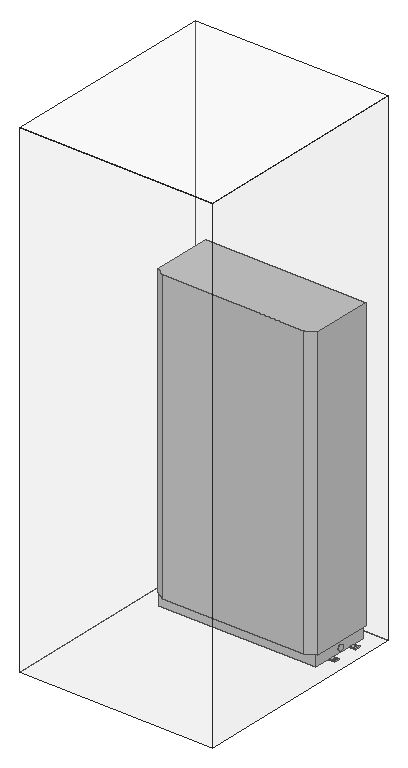
Revit family "pf-rp224_280ea_50Hz", category 機械設備, Revit 2019
Family settings
  丸型コネクタ寸法 = 直径を使用
  パーツ タイプ = 標準
  OmniClass 番号 = 23.75.10.24.21.27.27
  OmniClass タイトル = Split System Air Conditioning Units
  作業面ベース = いいえ
  常に垂直 = はい
  ロード時にボイドで切り取り = いいえ
  共有 = いいえ
  部屋計算ポイント = いいえ
Parameters (values of type "PF-RP224EA")
  騒音レベル（静）(dB) = 65
  騒音レベル（強）(dB) = 68
  騒音レベル（弱）(dB) = 66
  騒音レベル（中）(dB) = 67
  風量（静）（m3／min） = 42
  風量（弱）（m3／min） = 46
  風量（中）（m3／min） = 49
  風量（m3／min） = 53
  風量 = MAX風量  # 3180.0 m³/h
  音響パワーレベル(dB) = 68
  電源種別 = ""
  電圧_電気ヒーター = 0 V
  電圧 = 200 V
  電動機出力_送風機 = 375 W
  電動機出力_圧縮機 = 0 W
  運転質量 = 0.00 kg
  連動 = ""
  質量 = if(製品質量 > 運転質量, 製品質量, 運転質量) * 1.2  # 120.00 kg
  負荷分類 = 3_ファン類
  説明 = "店舗・事務所用パッケージエアコン(Mr.SLIM) 床置形"
  設計暖房能力 [instance] = 0 kW
  設計冷房能力_顕熱 [instance] = 0 kW
  設計冷房能力 [instance] = 0 kW
  設置方法 = "床置形"
  記号 [instance] = ""
  製造元 = "三菱電機株式会社"
  製品質量 = 100.00 kg
  製品出荷対象 = "国内"
  製品リリース年月 = "2021年6月23日"
  製品グループ = ""
  系統 [instance] = ""
  符号 = "PAC-FRV(J)"
  積算_科目 = "1 空気調和設備"
  積算_拾い区分 [instance] = ""
  相_電気ヒーター = 1
  相 = 1
  盤記号 [instance] = ""
  発停方法 = ""
  特殊仕様 [instance] = ""
  火災停止 = ""
  消費電力_電気ヒーター = 0 W
  消費電力_暖房 = 300 W
  消費電力_加湿器 = 0 W
  消費電力_冷房 = 300 W
  消費電力 = if(消費電力_冷房 > 消費電力_暖房, 消費電力_冷房, 消費電力_暖房) + 消費電力_加湿器 + 消費電力_電気ヒーター  # 300 W
  法定耐用年数 = "15"
  機械基礎質量 [instance] = 0.00 kg
  機械基礎_W = 0 mm
  機械基礎_H = 0 mm
  機械基礎_D = 0 mm
  機械基礎 [instance] = no
  機外静圧 = 0.0 Pa
  極数 = 3
  材質 [instance] = ""
  本体マテリアル = none
  有効加湿量 = 0
  最大電流値 = 0 A
  暖房能力 = 22.4 kW
  推奨ブレーカー容量 = 0 A
  形式_加湿器 = ""
  形式 = "床置（露出）立形"
  幹線記号 [instance] = ""
  始動方式 = "直入"
  呼称 = "室内機_床置(露出)⽴形(直吹)"
  周波数 = 50 Hz
  台数_手元リモコン [instance] = ""
  台数_冷媒分岐ユニット [instance] = ""
  参照している仕様書等のバージョン = "公共建築工事標準仕様書（機械設備工事編）平成31年度版"
  加湿給水管径 = 0.00 mm
  分類コード = "50053003123100"
  分類グループ = ""
  冷房能力 = 20 kW
  冷媒高低圧ガス管径 = 0.00 mm
  冷媒管径符号 = "Bg"
  冷媒管径 = 100.00 mm
  冷媒液管径 = 9.52 mm
  冷媒ガス管径 = 25.40 mm
  価格 = 0
  企業コード = "108420"
  付属品_フィルター = ""
  付属品 [instance] = ""
  仕様書バージョン = "Version1.0"
  モデル = "PF-RP224EA"
  ドレン管径 = 26.00 mm
  サービススペース = yes
  コメント [instance] = ""
  Keynote = ""
  Width = 985 mm
  Version = ""
  Uniclass2015Version = "Systems v1.9"
  Uniclass2015Title = "Split coil remote air cooled condensing units"
  Uniclass2015Code = "Pr_70_65_03_84"
  URL = "https://www.mitsubishielectric.co.jp/ldg/wink/ssl/displayProduct.do?pid=310223"
  S寸法 = 50 mm
  SpecificationReference = ""
  SpecificationDescription = ""
  Revision = ""
  ProductInformation = ""
  OmniClassCode = "23-33 17 13 11"
  MIN風量2 = 風量（静）（m3／min） * 60.0 m³/h  # 2520.0 m³/h
  MIN風量 = 風量（弱）（m3／min） * 60.0 m³/h  # 2760.0 m³/h
  MID風量 = 風量（中）（m3／min） * 60.0 m³/h  # 2940.0 m³/h
  MAX風量 = 風量（m3／min） * 60.0 m³/h  # 3180.0 m³/h
  IfcTypeProduct = ""
  IfcProduct = ""
  IfcExportType = "AIRCONDITIONINGUNIT"
  IfcExportAs = "IfcUnitaryEquipmentType"
  Height = 1850 mm
  Depth = 400 mm
  Clearance Top = 300 mm
  Clearance Right = 100 mm
  Clearance Left = 100 mm
  Clearance Front = 900 mm
  Clearance Back = 50 mm
  COP = 0
  Author = "三菱電機株式会社"
  APF = 0
Types (2, lengths in mm): name | 騒音レベル（静）(dB) | 騒音レベル（強）(dB) | 騒音レベル（弱）(dB) | 騒音レベル（中）(dB) | 風量（静）（m3／min） | 風量（弱）（m3／min） | 風量（中）（m3／min） | 風量（m3／min） | 風量 | 音響パワーレベル(dB) | 質量 | 製品質量 | 消費電力_暖房 | 消費電力_冷房 | 消費電力 | 暖房能力 | 冷房能力 | 冷媒管径符号 | 冷媒液管径 | 企業コード | モデル | Width | URL | MIN風量2 | MIN風量 | MID風量 | MAX風量
  PF-RP280EA | 68 | 72 | 69 | 70 | 55 | 61 | 67 | 73 | 4380.0 m³/h | 72 | 133.20 kg | 111.00 kg | 500 W | 500 W | 500 W | 28 kW | 25 kW | "Cg" | 12.70 | "" | "PF-RP280EA" | 1200 | "https://www.mitsubishielectric.co.jp/ldg/wink/ssl/displayProduct.do?pid=310224" | 3300.0 m³/h | 3660.0 m³/h | 4020.0 m³/h | 4380.0 m³/h
  PF-RP224EA | 65 | 68 | 66 | 67 | 42 | 46 | 49 | 53 | 3180.0 m³/h | 68 | 120.00 kg | 100.00 kg | 300 W | 300 W | 300 W | 22.4 kW | 20 kW | "Bg" | 9.52 | "108420" | "PF-RP224EA" | 985 | "https://www.mitsubishielectric.co.jp/ldg/wink/ssl/displayProduct.do?pid=310223" | 2520.0 m³/h | 2760.0 m³/h | 2940.0 m³/h | 3180.0 m³/h
Reference planes
  plane 1: z = 0
  plane 2 "上": z = 1820
  plane 3: z = 1850
  plane 4: z = 0
  plane 5: z = 2150
  plane 6 "中心(左/右)": x = 0
  plane 7 "左": x = -492.5
  plane 8 "右": x = 492.5
  plane 9 "正面": y = -400
  plane 10 "背面": y = 0
  plane 11: y = -525
  plane 12: y = 50
  plane 13: x = -542.5
  plane 14: y = -450
  plane 15: y = 50
  plane 16: y = -1300
  plane 17: x = -592.5
  plane 18: x = 592.5
  plane 19: x = 542.5
  plane 20: y = -200
Lines and regions (mm)
  Masking region 1, detail levels coarse+medium
    outline origin (0, -255, 0) x (1, 0, 0) y (0, 1, 0)
      loop
        line (-492.5, -145) -> (492.5, -145) -> (492.5, 255) -> (-492.5, 255) -> (-492.5, -145)
Dimensions and locks
  locked: plane 3 to plane 2 "上" at 30
  "Height": plane 3 to plane 4
  "Clearance Top": plane 5 to plane 3
  "機械基礎_H": plane 4 to plane 1
  equal spacing: plane 7 "左", plane 6 "中心(左/右)", plane 8 "右"
  "Width": plane 7 "左" to plane 8 "右"
  plane 9 "正面" to plane 10 "背面" = 400 mm
  "Depth": plane 9 "正面" to plane 10 "背面"
  "S寸法": plane 10 "背面" to plane 12
  "S寸法": plane 14 to plane 9 "正面"
  "S寸法": plane 13 to plane 7 "左"
  "Clearance Left": plane 17 to plane 7 "左"
  "Clearance Right": plane 8 "右" to plane 18
  "Clearance Front": plane 16 to plane 9 "正面"
  "Clearance Back": plane 10 "背面" to plane 15
  "S寸法": plane 8 "右" to plane 19
  equal spacing: plane 9 "正面", plane 20, plane 10 "背面"
  aligned and locked: level to plane 1
  aligned and locked: plane 18 to nested 1
  aligned and locked: plane 16 to nested 1
  aligned and locked: nested 1 to plane 17
  aligned and locked: nested 1 to plane 15
  aligned and locked: plane 6 "中心(左/右)" to nested 2
  aligned and locked: plane 20 to nested 2
Automatic sketch dimensions
  Masking region 1 sketch curve to plane 7 "左" = 0 mm
  Masking region 1 sketch curve to plane 8 "右" = 0 mm
  plane 9 "正面" to Masking region 1 sketch curve = 0 mm
  plane 10 "背面" to Masking region 1 sketch curve = 0 mm
Nested families
  nested 1: "サービススペース(PF-RP-EA)" at (0, -625, 1500), visible <- "サービススペース", type "サービススペース(PF-RP-EA)"
    with Width 1185 mm, Height 3000 mm, Depth 1350 mm
  nested 2: "PF-RP-EA" at (0, -200, 0), ①奥行き <- "Depth", ①幅 <- "Width", ①高さ <- "Height", 配管径 <- "冷媒管径", type "PF-RP-EA"
    with 配管径 100 mm, 液W 130 mm, 液H 242 mm, 液D 118 mm, 吊りボルトW 1017 mm, 吊りボルトD 160 mm, ドレン径 30 mm, ドレンW 0 mm, ドレンH 33 mm, ドレンD 190 mm, ガスW 55 mm, ガスH 193 mm, ガスD 118 mm, ①高さ 1850 mm, ①幅 985 mm, ①奥行き 400 mm
Connectors
  piping at (-335, -282, 193), diameter 100, driven by "冷媒管径"
    settings: on nested 2, index 1, connector inside diameter 609.60 mm, connector length 0 mm, flow factor 0, pipe flow 0.0 L/s, pressure drop 0.0 Pa, fitting loss kfactor 0, connector angle 0.00°, fixture units 0, engagement length 0 mm, angle of deflection 0.00°, flow configuration 1, flow direction 2, fitting loss method 4, system type 7, joint type 0, gender type 0, connector reference index -1, connector utility 0, adjustable connector no, is connector primary yes, connector description ""
  piping at (492.5, -190, 33), diameter 26, driven by "ドレン管径"
    settings: on nested 2, index 2, connector inside diameter 609.60 mm, connector length 0 mm, flow factor 0, pipe flow 0.0 L/s, pressure drop 0.0 Pa, fitting loss kfactor 0, connector angle 0.00°, fixture units 0, engagement length 0 mm, angle of deflection 0.00°, flow configuration 1, flow direction 2, fitting loss method 4, system type 16, joint type 0, gender type 0, connector reference index -1, connector utility 0, adjustable connector no, is connector primary no, connector description ""
  piping at (-492.5, -190, 33), diameter 26, driven by "ドレン管径"
    settings: on nested 2, index 3, connector inside diameter 609.60 mm, connector length 0 mm, flow factor 0, pipe flow 0.0 L/s, pressure drop 0.0 Pa, fitting loss kfactor 0, connector angle 0.00°, fixture units 0, engagement length 0 mm, angle of deflection 0.00°, flow configuration 1, flow direction 2, fitting loss method 4, system type 16, joint type 0, gender type 0, connector reference index -1, connector utility 0, adjustable connector no, is connector primary no, connector description ""
Definition of nested family "サービススペース(PF-RP-EA)"
  Parameters (values of type "サービススペース")
    Width [instance] = 500 mm
    Height [instance] = 500 mm
    Depth [instance] = 500 mm
  Reference planes
    plane 1 "中心(正面/背面)": y = 0
    plane 2: z = 0
    plane 3 "中心(左/右)": x = 0
    plane 4: y = -250
    plane 5: x = 250
    plane 6: y = 250
    plane 7: x = -250
    plane 8: z = 250
    plane 9: z = -250
  Forms (mm)
    Extrusion 1, solid
      sketch origin (-638.939, 0, 72.39) x (1, 0, 0) y (0, 1, 0)
        loop
          line (388.939, 250) -> (388.939, -250) -> (888.939, -250) -> (888.939, 250) -> (388.939, 250)
      from -322.39 to 177.61
  Lines and regions (mm)
    symbolic lines
      curve 1: line (-250, 0, 250) -> (250, 0, 250)
      curve 2: line (-250, 0, -250) -> (-250, 0, 250)
      curve 3: line (250, 0, -250) -> (-250, 0, -250)
      curve 4: line (250, 0, 250) -> (250, 0, -250)
      curve 5: line (0, -250, 250) -> (0, 250, 250)
      curve 6: line (0, -250, -250) -> (0, -250, 250)
      curve 7: line (0, 250, -250) -> (0, -250, -250)
      curve 8: line (0, 250, 250) -> (0, 250, -250)
      curve 9: line (-250, 250, 0) -> (250, 250, 0)
      curve 10: line (-250, -250, 0) -> (-250, 250, 0)
      curve 11: line (250, -250, 0) -> (-250, -250, 0)
      curve 12: line (250, 250, 0) -> (250, -250, 0)
  Dimensions and locks
    equal spacing: plane 7, plane 3 "中心(左/右)", plane 5
    equal spacing: plane 4, plane 1 "中心(正面/背面)", plane 6
    "Depth": plane 4 to plane 6
    "Width": plane 7 to plane 5
    equal spacing: plane 8, plane 2, plane 9
    "Height": plane 8 to plane 9
    aligned and locked: plane 9 to curve 3
    aligned and locked: plane 7 to curve 2
    aligned and locked: curve 4 to plane 5
    aligned and locked: plane 5 to Extrusion 1
    aligned and locked: Extrusion 1 to plane 7
    aligned and locked: Extrusion 1 to plane 9
    aligned and locked: plane 8 to Extrusion 1
    aligned and locked: plane 9 to curve 7
  Automatic sketch dimensions
    plane 4 to Extrusion 1 sketch curve = 0 mm
    Extrusion 1 sketch curve to plane 7 = 0 mm
    Extrusion 1 sketch curve to plane 5 = 0 mm
    plane 6 to Extrusion 1 sketch curve = 0 mm
    curve 2 to plane 8 = 0 mm
    plane 4 to curve 11 = 0 mm
    curve 11 to plane 7 = 0 mm
    curve 11 to plane 5 = 0 mm
    plane 6 to curve 10 = 0 mm
    curve 7 to plane 4 = 0 mm
    curve 7 to plane 6 = 0 mm
    curve 6 to plane 8 = 0 mm
Definition of nested family "PF-RP-EA"
  Parameters (values of type "PF-RP-EA")
    配管径 [instance] = 100 mm
    液W [instance] = if(①幅 = 985 mm, 130 mm, 129 mm)  # 130 mm
    液H [instance] = 242 mm
    液D [instance] = 118 mm
    吊りボルトW [instance] = if(①幅 = 985 mm, 1017 mm, 1232 mm)  # 1017 mm
    吊りボルトD [instance] = 160 mm
    ドレン径 [instance] = 30 mm
    ドレンW [instance] = 0 mm
    ドレンH [instance] = 33 mm
    ドレンD [instance] = 190 mm
    ガスW [instance] = if(①幅 = 985 mm, 55 mm, 58 mm)  # 55 mm
    ガスH [instance] = 193 mm
    ガスD [instance] = 118 mm
    ①高さ [instance] = 1850 mm
    ①幅 [instance] = 985 mm
    ①奥行き [instance] = 400 mm
  Reference planes
    plane 1 "中心(正面/背面)": y = 0
    plane 2: z = 0
    plane 3 "中心(左/右)": x = 0
    plane 4: x = -492.5
    plane 5: x = 492.5
    plane 6: y = 200
    plane 7: y = -200
    plane 8: z = 1850
    plane 9: z = 1825
    plane 10: z = 1545
    plane 11: z = 1000
    plane 12: z = 915
    plane 13: z = 70
    plane 14: x = -482.5
    plane 15: x = 482.5
    plane 16: y = 190
    plane 17: y = -170
    plane 18: x = -432.5
    plane 19: x = 432.5
    plane 20: x = -362.5
    plane 21: x = -307.5
    plane 22: x = -335
    plane 23: y = -82
    plane 24: z = 193
    plane 25: z = 242
    plane 26: x = -508.5
    plane 27: x = 508.5
    plane 28: y = 100
    plane 29: y = -60
    plane 30: x = -522.5
    plane 31: x = 522.5
    plane 32: y = 115
    plane 33: y = 85
    plane 34: y = -75
    plane 35: y = -45
    plane 36: y = 10
    plane 37: z = 33
  Forms (mm)
    Extrusion 1, solid, detail levels fine
      sketch origin (0, 0, 0) x (1, 0, 0) y (0, 1, 0)
        loop
          line (-492.5, 200) -> (-492.5, -170) -> (-432.5, -200) -> (432.5, -200) -> (492.5, -170) -> (492.5, 200) -> (-492.5, 200)
      from 70 to 1850
    Extrusion 2, solid, detail levels fine
      sketch origin (0, 0, 0) x (1, 0, 0) y (0, 1, 0)
        loop
          line (-482.5, 190) -> (-482.5, -170) -> (482.5, -170) -> (482.5, 190) -> (-482.5, 190)
      from 0 to 70
    Extrusion 3, solid, detail levels fine
      sketch origin (0, 0, 0) x (1, 0, 0) y (0, 1, 0)
        loop
          circle (-335, -82) r 50
      from 193 to 242
    Extrusion 4, solid, detail levels fine
      sketch origin (0, 0, 0) x (1, 0, 0) y (0, 1, 0)
        loop
          line (-522.5, 115) -> (-522.5, 85) -> (-482.5, 85) -> (-482.5, 115) -> (-522.5, 115)
        loop
          circle (-508.5, 100) r 5
        loop
          line (522.5, 115) -> (482.5, 115) -> (482.5, 85) -> (522.5, 85) -> (522.5, 115)
        loop
          circle (508.5, 100) r 5
        loop
          line (-522.5, -45) -> (-522.5, -75) -> (-482.5, -75) -> (-482.5, -45) -> (-522.5, -45)
        loop
          circle (-508.5, -60) r 5
        loop
          line (522.5, -45) -> (482.5, -45) -> (482.5, -75) -> (522.5, -75) -> (522.5, -45)
        loop
          circle (508.5, -60) r 5
      from 0 to 5
    Extrusion 5, solid, detail levels fine
      sketch origin (0, 0, 0) x (0, 1, 0) y (0, 0, 1)
        loop
          circle (10, 33) r 15
      from 482.5 to 492.5
    Extrusion 6, solid, detail levels fine
      sketch origin (0, 0, 0) x (0, 1, 0) y (0, 0, -1)
        loop
          circle (10, -33) r 15
      from 482.5 to 492.5
  Dimensions and locks
    equal spacing: plane 7, plane 1 "中心(正面/背面)", plane 6
    "①奥行き": plane 7 to plane 6
    equal spacing: plane 4, plane 3 "中心(左/右)", plane 5
    "①幅": plane 4 to plane 5
    locked: plane 13 to level at 70
    locked: plane 12 to plane 13 at 845
    plane 11 to plane 12 = 85 mm
    locked: plane 10 to plane 11 at 545
    locked: plane 9 to plane 10 at 280
    locked: plane 8 to plane 9 at 25
    "①高さ": plane 8 to level
    locked: plane 4 to plane 14 at 10
    locked: plane 15 to plane 5 at 10
    locked: plane 16 to plane 6 at 10
    locked: plane 7 to plane 17 at 30
    locked: plane 4 to plane 18 at 60
    locked: plane 19 to plane 5 at 60
    locked: plane 7 to plane 23 at 118
    equal spacing: plane 20, plane 22, plane 21
    "液W": plane 4 to plane 20
    "ガスW": plane 20 to plane 21
    "ガスH": plane 24 to level
    "液H": plane 25 to level
    "吊りボルトD": plane 29 to plane 28
    "吊りボルトW": plane 26 to plane 27
    equal spacing: plane 26, plane 3 "中心(左/右)", plane 27
    locked: plane 28 to plane 6 at 100
    locked: plane 27 to plane 31 at 14
    locked: plane 30 to plane 26 at 14
    plane 34 to plane 29 to plane 35 = 15 mm locked, 15 mm locked
    plane 33 to plane 28 to plane 32 = 15 mm locked, 15 mm locked
    "ドレンD": plane 36 to plane 6
    "ドレンH": plane 37 to level
    "配管径": diameter of Extrusion 3 sketch curve
    "ドレン径": diameter of Extrusion 5 sketch curve
    "ドレン径": diameter of Extrusion 6 sketch curve
    aligned and locked: level to plane 2
    aligned and locked: plane 6 to Extrusion 1 sketch curve
    aligned and locked: Extrusion 1 sketch curve to plane 7
    aligned and locked: Extrusion 1 sketch curve to plane 5
    aligned and locked: plane 16 to Extrusion 2 sketch curve
    aligned and locked: plane 14 to Extrusion 2 sketch curve
    aligned and locked: Extrusion 2 sketch curve to plane 17
    aligned and locked: Extrusion 2 sketch curve to plane 15
    aligned and locked: plane 8 to Extrusion 1
    aligned and locked: Extrusion 1 to plane 13
    aligned and locked: plane 13 to Extrusion 2
    aligned and locked: plane 4 to Extrusion 1 sketch curve
    aligned and locked: plane 5 to Extrusion 1 sketch curve
    aligned and locked: plane 23 to Extrusion 3 sketch curve
    aligned and locked: plane 22 to Extrusion 3 sketch curve
    aligned and locked: Extrusion 3 to plane 24
    aligned and locked: plane 25 to Extrusion 3
    aligned and locked: plane 32 to Extrusion 4 sketch curve
    aligned and locked: plane 30 to Extrusion 4 sketch curve  (x2)
    aligned and locked: Extrusion 4 sketch curve to plane 33
    aligned and locked: plane 26 to Extrusion 4 sketch curve  (x2)
    aligned and locked: plane 28 to Extrusion 4 sketch curve  (x2)
    aligned and locked: plane 35 to Extrusion 4 sketch curve
    aligned and locked: Extrusion 4 sketch curve to plane 34
    aligned and locked: plane 29 to Extrusion 4 sketch curve  (x2)
    aligned and locked: plane 33 to Extrusion 4 sketch curve
    aligned and locked: Extrusion 4 sketch curve to plane 32
    aligned and locked: Extrusion 4 sketch curve to plane 35
    aligned and locked: plane 34 to Extrusion 4 sketch curve
    aligned and locked: plane 31 to Extrusion 4 sketch curve  (x2)
    aligned and locked: plane 27 to Extrusion 4 sketch curve  (x2)
    aligned and locked: Extrusion 4 sketch curve to plane 14  (x2)
    aligned and locked: Extrusion 4 sketch curve to plane 15  (x2)
    aligned and locked: plane 26 to nested 1
    aligned and locked: plane 27 to nested 1
    aligned and locked: plane 29 to nested 1
    aligned and locked: nested 1 to plane 28
    aligned and locked: plane 36 to Extrusion 5 sketch curve
    aligned and locked: plane 37 to Extrusion 5 sketch curve
    aligned and locked: plane 5 to Extrusion 5
    aligned and locked: Extrusion 5 to plane 15
    aligned and locked: Extrusion 6 to plane 4
    aligned and locked: plane 14 to Extrusion 6
    aligned and locked: plane 37 to Extrusion 6 sketch curve
    aligned and locked: plane 36 to Extrusion 6 sketch curve
  Automatic sketch dimensions
    Extrusion 1 sketch curve to plane 18 = 0 mm
    Extrusion 1 sketch curve to plane 19 = 0 mm
    plane 17 to Extrusion 1 sketch curve = 0 mm  (x2)
    radius of Extrusion 4 sketch curve = 5 mm  (x4)
  Nested families
    nested 1: "固定点" at (-508.5, -60, 0), type "固定点"
      with W 1017 mm, D 160 mm
  Definition of nested family "固定点"
    Parameters (values of type "固定点")
      中心円 = 20 mm
      W [instance] = 1000 mm
      D [instance] = 1000 mm
    Reference planes
      plane 1 "中心(正面/背面)": y = 0
      plane 2: z = 0
      plane 3 "中心(左/右)": x = 0
      plane 4: x = 1000
      plane 5: y = 1000
    Lines and regions (mm)
      symbolic lines, detail levels fine
        curve 1: circle (0, 1000, 0) r 10 normal (0, 0, 1)
        curve 2: circle (0, 0, 0) r 10 normal (0, 0, 1)
        curve 3: circle (1000, 1000, 0) r 10 normal (0, 0, 1)
        curve 4: circle (1000, 0, 0) r 10 normal (0, 0, 1)
        curve 5: line (-200, 1000, 0) -> (1200, 1000, 0)
        curve 6: line (-200, 0, 0) -> (1200, 0, 0)
        curve 7: line (0, 1200, 0) -> (0, -200, 0)
        curve 8: line (1000, 1200, 0) -> (1000, -200, 0)
    Dimensions and locks
      "W": plane 3 "中心(左/右)" to plane 4
      "D": plane 1 "中心(正面/背面)" to plane 5
      "中心円": diameter of curve 1
      "中心円": diameter of curve 2
      "中心円": diameter of curve 3
      "中心円": diameter of curve 4
      aligned and locked: level to plane 2
      aligned and locked: plane 5 to curve 1
      aligned and locked: plane 3 "中心(左/右)" to curve 1
      aligned and locked: plane 3 "中心(左/右)" to curve 2
      aligned and locked: plane 1 "中心(正面/背面)" to curve 2
      aligned and locked: plane 4 to curve 3
      aligned and locked: plane 5 to curve 3
      aligned and locked: plane 1 "中心(正面/背面)" to curve 4
      aligned and locked: plane 4 to curve 4
      aligned and locked: plane 1 "中心(正面/背面)" to curve 6
      aligned and locked: curve 7 to plane 3 "中心(左/右)"
      aligned and locked: curve 8 to plane 4
    Automatic sketch dimensions
      curve 5 to plane 5 = 0 mm
      curve 6 to plane 3 "中心(左/右)" = 200 mm
      curve 5 to plane 3 "中心(左/右)" = 200 mm
      curve 4 to curve 6 = 200 mm
      curve 3 to curve 5 = 200 mm
      plane 1 "中心(正面/背面)" to curve 8 = 200 mm
      plane 1 "中心(正面/背面)" to curve 7 = 200 mm
      curve 3 to curve 8 = 200 mm
      curve 1 to curve 7 = 200 mm
